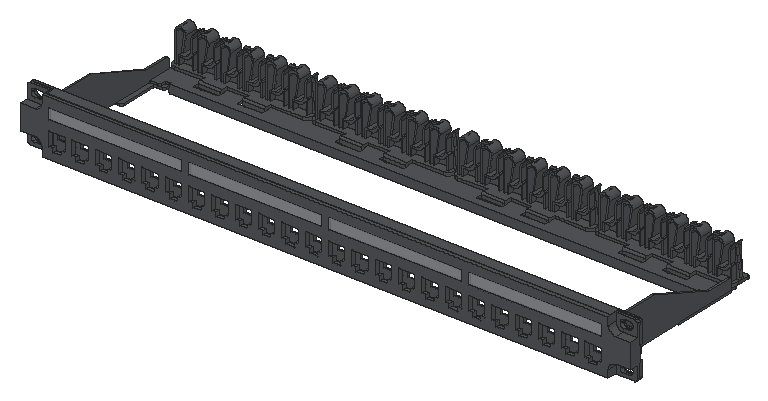
Revit family "Panneau de brassage", category Equipement spécialisé, Revit 2020 (continued)
Forms (mm)
  Extrusion 141, solid, material "IDS_NOIR" <- "Couleur"
    sketch origin (154.436, 226.765, 1200) x (-1, 0, 0) y (0, 0, 1)
      loop
        line (-27.764, -1188.4) -> (-17.964, -1188.4) -> (-17.964, -1182.6) -> (-21.764, -1182.6)
        arc (-21.764, -1182.6) -> (-24.979, -1181.666) -> (-27.193, -1179.156) r 6
        arc (-27.193, -1179.156) -> (-27.53, -1178.991) -> (-27.764, -1179.283) r 0.3
        line (-27.764, -1179.283) -> (-27.764, -1188.4)
      loop
        line (-16.764, -1182.4) -> (-16.764, -1188.4) -> (-15.004, -1188.4) -> (-15.004, -1182.4) -> (-16.764, -1182.4)
    from 1 to -1
  Extrusion 142, solid, material "IDS_NOIR" <- "Couleur"
    sketch origin (172.436, 226.765, 1200) x (-1, 0, 0) y (0, 0, 1)
      loop
        line (-28.964, -1163.4) -> (-28.964, -1173.921)
        arc (-28.964, -1173.921) -> (-29.228, -1174.219) -> (-29.555, -1173.994) r 0.3
        line (-29.555, -1173.994) -> (-31.804, -1165.028) -> (-31.804, -1188.4) -> (-28.964, -1188.4) -> (-28.964, -1178.068)
        arc (-28.964, -1178.068) -> (-28.87, -1177.644) -> (-28.605, -1177.3) r 1
        line (-28.605, -1177.3) -> (-27.764, -1176.6) -> (-27.764, -1166.45) -> (-28.964, -1163.4)
      loop
        line (-27.764, -1188.4) -> (-17.964, -1188.4) -> (-17.964, -1182.6) -> (-21.764, -1182.6)
        arc (-21.764, -1182.6) -> (-24.979, -1181.666) -> (-27.193, -1179.156) r 6
        arc (-27.193, -1179.156) -> (-27.53, -1178.991) -> (-27.764, -1179.283) r 0.3
        line (-27.764, -1179.283) -> (-27.764, -1188.4)
      loop
        line (-16.764, -1182.4) -> (-16.764, -1188.4) -> (-15.004, -1188.4) -> (-15.004, -1182.4) -> (-16.764, -1182.4)
    from 1 to -1
  Extrusion 143, solid, material "IDS_NOIR" <- "Couleur"
    sketch origin (190.436, 226.765, 1200) x (-1, 0, 0) y (0, 0, 1)
      loop
        line (-32.464, -1188.4) -> (-28.964, -1188.4) -> (-28.964, -1178.068)
        arc (-28.964, -1178.068) -> (-28.87, -1177.644) -> (-28.605, -1177.3) r 1
        line (-28.605, -1177.3) -> (-27.764, -1176.6) -> (-27.764, -1166.45) -> (-28.819, -1163.769) -> (-32.464, -1188.4)
      loop
        line (-27.764, -1188.4) -> (-17.964, -1188.4) -> (-17.964, -1182.6) -> (-21.764, -1182.6)
        arc (-21.764, -1182.6) -> (-24.979, -1181.666) -> (-27.193, -1179.156) r 6
        arc (-27.193, -1179.156) -> (-27.53, -1178.991) -> (-27.764, -1179.283) r 0.3
        line (-27.764, -1179.283) -> (-27.764, -1188.4)
      loop
        line (-16.764, -1182.4) -> (-16.764, -1188.4) -> (-15.004, -1188.4) -> (-15.004, -1182.4) -> (-16.764, -1182.4)
    from 1 to -1
  Extrusion 144, solid, material "IDS_NOIR" <- "Couleur"
    sketch origin (100.436, 226.765, 1200) x (-1, 0, 0) y (0, 0, 1)
      loop
        arc (-36.054, -1161.15) -> (-33.708, -1161.856) -> (-32.142, -1163.74) r 4.25
        arc (-32.142, -1163.74) -> (-32.055, -1162.798) -> (-31.221, -1162.35) r 1
        line (-31.221, -1162.35) -> (-28.964, -1162.35) -> (-28.964, -1161.15) -> (-36.054, -1161.15)
    from -1 to 1
  Extrusion 145, solid, material "IDS_NOIR" <- "Couleur"
    sketch origin (118.436, 226.765, 1200) x (-1, 0, 0) y (0, 0, 1)
      loop
        arc (-36.054, -1161.15) -> (-33.708, -1161.856) -> (-32.142, -1163.74) r 4.25
        arc (-32.142, -1163.74) -> (-32.055, -1162.798) -> (-31.221, -1162.35) r 1
        line (-31.221, -1162.35) -> (-28.964, -1162.35) -> (-28.964, -1161.15) -> (-36.054, -1161.15)
    from -1 to 1
  Extrusion 146, solid, material "IDS_NOIR" <- "Couleur"
    sketch origin (136.436, 226.765, 1200) x (-1, 0, 0) y (0, 0, 1)
      loop
        arc (-36.054, -1161.15) -> (-33.708, -1161.856) -> (-32.142, -1163.74) r 4.25
        arc (-32.142, -1163.74) -> (-32.055, -1162.798) -> (-31.221, -1162.35) r 1
        line (-31.221, -1162.35) -> (-28.964, -1162.35) -> (-28.964, -1161.15) -> (-36.054, -1161.15)
    from -1 to 1
  Extrusion 147, solid, material "IDS_NOIR" <- "Couleur"
    sketch origin (154.436, 226.765, 1200) x (-1, 0, 0) y (0, 0, 1)
      loop
        arc (-36.054, -1161.15) -> (-33.708, -1161.856) -> (-32.142, -1163.74) r 4.25
        arc (-32.142, -1163.74) -> (-32.055, -1162.798) -> (-31.221, -1162.35) r 1
        line (-31.221, -1162.35) -> (-28.964, -1162.35) -> (-28.964, -1161.15) -> (-36.054, -1161.15)
    from -1 to 1
  Extrusion 148, solid, material "IDS_NOIR" <- "Couleur"
    sketch origin (172.436, 226.765, 1200) x (-1, 0, 0) y (0, 0, 1)
      loop
        arc (-36.054, -1161.15) -> (-33.708, -1161.856) -> (-32.142, -1163.74) r 4.25
        arc (-32.142, -1163.74) -> (-32.055, -1162.798) -> (-31.221, -1162.35) r 1
        line (-31.221, -1162.35) -> (-28.964, -1162.35) -> (-28.964, -1161.15) -> (-36.054, -1161.15)
    from -1 to 1
  Extrusion 149, solid, material "IDS_NOIR" <- "Couleur"
    sketch origin (335.6, 127.2, 9.6) x (1, 0, 0) y (0, 1, 0)
      loop
        line (5.4, 91.1) -> (106.4, 91.1)
        arc (106.4, 91.1) -> (109.936, 92.564) -> (111.4, 96.1) r 5
        line (111.4, 96.1) -> (111.4, 105.6)
        arc (111.4, 105.6) -> (110.814, 107.014) -> (109.4, 107.6) r 2
        line (109.4, 107.6) -> (2.4, 107.6)
        arc (2.4, 107.6) -> (0.986, 107.014) -> (0.4, 105.6) r 2
        line (0.4, 105.6) -> (0.4, 96.1)
        arc (0.4, 96.1) -> (1.864, 92.564) -> (5.4, 91.1) r 5
    from 0 to 2
  Extrusion 150, solid, material "IDS_NOIR" <- "Couleur"
    sketch origin (364.5, 239.845, 1200) x (0, 1, 0) y (0, 0, 1)
      loop
        line (-21.545, -1190.4) -> (-21.545, -1188.4) -> (-26.045, -1188.4)
        arc (-26.045, -1188.4) -> (-27.106, -1188.839) -> (-27.545, -1189.9) r 1.5
        line (-27.545, -1189.9) -> (-27.545, -1192.9)
        arc (-27.545, -1192.9) -> (-27.106, -1193.961) -> (-26.045, -1194.4) r 1.5
        line (-26.045, -1194.4) -> (-23.545, -1194.4) -> (-23.545, -1192.4) -> (-25.545, -1192.4) -> (-25.545, -1190.4) -> (-21.545, -1190.4)
    from 0 to 18
  Extrusion 151, solid, material "IDS_NOIR" <- "Couleur"
    sketch origin (417.3, 239.845, 1200) x (0, 1, 0) y (0, 0, -1)
      loop
        line (-21.545, 1190.4) -> (-25.545, 1190.4) -> (-25.545, 1192.4) -> (-23.545, 1192.4) -> (-23.545, 1194.4) -> (-26.045, 1194.4)
        arc (-26.045, 1194.4) -> (-27.106, 1193.961) -> (-27.545, 1192.9) r 1.5
        line (-27.545, 1192.9) -> (-27.545, 1189.9)
        arc (-27.545, 1189.9) -> (-27.106, 1188.839) -> (-26.045, 1188.4) r 1.5
        line (-26.045, 1188.4) -> (-21.545, 1188.4) -> (-21.545, 1190.4)
    from 0 to 18
  Extrusion 152, solid, material "IDS_NOIR" <- "Couleur"
    sketch origin (341, 247.204, 1200) x (0, 1, 0) y (0, 0, 1)
      loop
        line (-12.404, -1190.401) -> (-13.654, -1190.401) -> (-13.654, -1195.9) -> (-12.404, -1195.9) -> (-12.404, -1190.401)
    from 0 to 22
  Extrusion 153, solid
    sketch origin (343.5, 236.327, 1200) x (0, 1, 0) y (0, 0, 1)
      loop
        line (-4.027, -1192.4) -> (-4.027, -1195.9) -> (-2.777, -1195.9) -> (-2.777, -1192.4) -> (-4.027, -1192.4)
    from 0 to 4
  Extrusion 154, void
    sketch origin (341, 247.204, 1200) x (0, -1, 0) y (0, 0, 1)
      loop
        line (12.904, -1195.9) -> (14.904, -1195.9) -> (14.904, -1193.4) -> (12.904, -1195.9)
    from 0 to -22
  Extrusion 155, solid, material "IDS_NOIR" <- "Couleur"
    sketch origin (440.8, 247.204, 1200) x (0, 1, 0) y (0, 0, -1)
      loop
        line (-12.404, 1190.401) -> (-12.404, 1195.9) -> (-13.654, 1195.9) -> (-13.654, 1190.401) -> (-12.404, 1190.401)
    from 0 to 22
  Extrusion 156, solid
    sketch origin (438.3, 236.327, 1200) x (0, 1, 0) y (0, 0, -1)
      loop
        line (-4.027, 1192.4) -> (-2.777, 1192.4) -> (-2.777, 1195.9) -> (-4.027, 1195.9) -> (-4.027, 1192.4)
    from 0 to 4
  Extrusion 157, void
    sketch origin (440.8, 247.204, 1200) x (0, -1, 0) y (0, 0, -1)
      loop
        line (12.904, 1195.9) -> (14.904, 1193.4) -> (14.904, 1195.9) -> (12.904, 1195.9)
    from 0 to -22
  Extrusion 158, solid, material "IDS_NOIR" <- "Couleur"
    sketch origin (307.6, 231.765, 1200) x (-1, 0, 0) y (0, 0, 1)
      loop
        line (-30.74, -1188.4) -> (-30.74, -1165.4)
        arc (-30.74, -1165.4) -> (-35.283, -1161.16) -> (-39.2, -1165.985) r 4.25
        line (-39.2, -1165.985) -> (-37.4, -1178.928) -> (-36.211, -1178.763) -> (-38.011, -1165.82)
        arc (-38.011, -1165.82) -> (-35.201, -1162.357) -> (-31.94, -1165.4) r 3.05
        line (-31.94, -1165.4) -> (-31.94, -1188.4) -> (-30.74, -1188.4)
      loop
        line (-44.7, -1176.6) -> (-45.54, -1177.3)
        arc (-45.54, -1177.3) -> (-45.806, -1177.644) -> (-45.9, -1178.068) r 1
        line (-45.9, -1178.068) -> (-45.9, -1188.4) -> (-44.7, -1188.4) -> (-44.7, -1179.283)
        arc (-44.7, -1179.283) -> (-44.465, -1178.991) -> (-44.129, -1179.156) r 0.3
        arc (-44.129, -1179.156) -> (-41.915, -1181.666) -> (-38.7, -1182.6) r 6
        line (-38.7, -1182.6) -> (-34.9, -1182.6) -> (-34.9, -1188.4) -> (-33.7, -1188.4) -> (-33.7, -1182.4)
        arc (-33.7, -1182.4) -> (-33.993, -1181.693) -> (-34.7, -1181.4) r 1
        line (-34.7, -1181.4) -> (-37.5, -1181.4)
        arc (-37.5, -1181.4) -> (-41.743, -1179.643) -> (-43.5, -1175.4) r 6
        line (-43.5, -1175.4) -> (-43.5, -1166.45) -> (-44.7, -1163.4) -> (-45.9, -1163.4) -> (-44.7, -1166.45) -> (-44.7, -1176.6)
    from 0 to -10
  Extrusion 159, solid, material "IDS_NOIR" <- "Couleur"
    sketch origin (325.6, 231.765, 1200) x (-1, 0, 0) y (0, 0, 1)
      loop
        line (-30.74, -1188.4) -> (-30.74, -1165.4)
        arc (-30.74, -1165.4) -> (-35.283, -1161.16) -> (-39.2, -1165.985) r 4.25
        line (-39.2, -1165.985) -> (-37.4, -1178.928) -> (-36.211, -1178.763) -> (-38.011, -1165.82)
        arc (-38.011, -1165.82) -> (-35.201, -1162.357) -> (-31.94, -1165.4) r 3.05
        line (-31.94, -1165.4) -> (-31.94, -1188.4) -> (-30.74, -1188.4)
      loop
        line (-44.7, -1176.6) -> (-45.54, -1177.3)
        arc (-45.54, -1177.3) -> (-45.806, -1177.644) -> (-45.9, -1178.068) r 1
        line (-45.9, -1178.068) -> (-45.9, -1188.4) -> (-44.7, -1188.4) -> (-44.7, -1179.283)
        arc (-44.7, -1179.283) -> (-44.465, -1178.991) -> (-44.129, -1179.156) r 0.3
        arc (-44.129, -1179.156) -> (-41.915, -1181.666) -> (-38.7, -1182.6) r 6
        line (-38.7, -1182.6) -> (-34.9, -1182.6) -> (-34.9, -1188.4) -> (-33.7, -1188.4) -> (-33.7, -1182.4)
        arc (-33.7, -1182.4) -> (-33.993, -1181.693) -> (-34.7, -1181.4) r 1
        line (-34.7, -1181.4) -> (-37.5, -1181.4)
        arc (-37.5, -1181.4) -> (-41.743, -1179.643) -> (-43.5, -1175.4) r 6
        line (-43.5, -1175.4) -> (-43.5, -1166.45) -> (-44.7, -1163.4) -> (-45.9, -1163.4) -> (-44.7, -1166.45) -> (-44.7, -1176.6)
    from 0 to -10
  Extrusion 160, solid, material "IDS_NOIR" <- "Couleur"
    sketch origin (343.6, 231.765, 1200) x (-1, 0, 0) y (0, 0, 1)
      loop
        line (-30.74, -1188.4) -> (-30.74, -1165.4)
        arc (-30.74, -1165.4) -> (-35.283, -1161.16) -> (-39.2, -1165.985) r 4.25
        line (-39.2, -1165.985) -> (-37.4, -1178.928) -> (-36.211, -1178.763) -> (-38.011, -1165.82)
        arc (-38.011, -1165.82) -> (-35.201, -1162.357) -> (-31.94, -1165.4) r 3.05
        line (-31.94, -1165.4) -> (-31.94, -1188.4) -> (-30.74, -1188.4)
      loop
        line (-44.7, -1176.6) -> (-45.54, -1177.3)
        arc (-45.54, -1177.3) -> (-45.806, -1177.644) -> (-45.9, -1178.068) r 1
        line (-45.9, -1178.068) -> (-45.9, -1188.4) -> (-44.7, -1188.4) -> (-44.7, -1179.283)
        arc (-44.7, -1179.283) -> (-44.465, -1178.991) -> (-44.129, -1179.156) r 0.3
        arc (-44.129, -1179.156) -> (-41.915, -1181.666) -> (-38.7, -1182.6) r 6
        line (-38.7, -1182.6) -> (-34.9, -1182.6) -> (-34.9, -1188.4) -> (-33.7, -1188.4) -> (-33.7, -1182.4)
        arc (-33.7, -1182.4) -> (-33.993, -1181.693) -> (-34.7, -1181.4) r 1
        line (-34.7, -1181.4) -> (-37.5, -1181.4)
        arc (-37.5, -1181.4) -> (-41.743, -1179.643) -> (-43.5, -1175.4) r 6
        line (-43.5, -1175.4) -> (-43.5, -1166.45) -> (-44.7, -1163.4) -> (-45.9, -1163.4) -> (-44.7, -1166.45) -> (-44.7, -1176.6)
    from 0 to -10
  Extrusion 161, solid, material "IDS_NOIR" <- "Couleur"
    sketch origin (361.6, 231.765, 1200) x (-1, 0, 0) y (0, 0, 1)
      loop
        line (-30.74, -1188.4) -> (-30.74, -1165.4)
        arc (-30.74, -1165.4) -> (-35.283, -1161.16) -> (-39.2, -1165.985) r 4.25
        line (-39.2, -1165.985) -> (-37.4, -1178.928) -> (-36.211, -1178.763) -> (-38.011, -1165.82)
        arc (-38.011, -1165.82) -> (-35.201, -1162.357) -> (-31.94, -1165.4) r 3.05
        line (-31.94, -1165.4) -> (-31.94, -1188.4) -> (-30.74, -1188.4)
      loop
        line (-44.7, -1176.6) -> (-45.54, -1177.3)
        arc (-45.54, -1177.3) -> (-45.806, -1177.644) -> (-45.9, -1178.068) r 1
        line (-45.9, -1178.068) -> (-45.9, -1188.4) -> (-44.7, -1188.4) -> (-44.7, -1179.283)
        arc (-44.7, -1179.283) -> (-44.465, -1178.991) -> (-44.129, -1179.156) r 0.3
        arc (-44.129, -1179.156) -> (-41.915, -1181.666) -> (-38.7, -1182.6) r 6
        line (-38.7, -1182.6) -> (-34.9, -1182.6) -> (-34.9, -1188.4) -> (-33.7, -1188.4) -> (-33.7, -1182.4)
        arc (-33.7, -1182.4) -> (-33.993, -1181.693) -> (-34.7, -1181.4) r 1
        line (-34.7, -1181.4) -> (-37.5, -1181.4)
        arc (-37.5, -1181.4) -> (-41.743, -1179.643) -> (-43.5, -1175.4) r 6
        line (-43.5, -1175.4) -> (-43.5, -1166.45) -> (-44.7, -1163.4) -> (-45.9, -1163.4) -> (-44.7, -1166.45) -> (-44.7, -1176.6)
    from 0 to -10
  Extrusion 162, solid, material "IDS_NOIR" <- "Couleur"
    sketch origin (379.6, 231.765, 1200) x (-1, 0, 0) y (0, 0, 1)
      loop
        line (-30.74, -1188.4) -> (-30.74, -1165.4)
        arc (-30.74, -1165.4) -> (-35.283, -1161.16) -> (-39.2, -1165.985) r 4.25
        line (-39.2, -1165.985) -> (-37.4, -1178.928) -> (-36.211, -1178.763) -> (-38.011, -1165.82)
        arc (-38.011, -1165.82) -> (-35.201, -1162.357) -> (-31.94, -1165.4) r 3.05
        line (-31.94, -1165.4) -> (-31.94, -1188.4) -> (-30.74, -1188.4)
      loop
        line (-44.7, -1176.6) -> (-45.54, -1177.3)
        arc (-45.54, -1177.3) -> (-45.806, -1177.644) -> (-45.9, -1178.068) r 1
        line (-45.9, -1178.068) -> (-45.9, -1188.4) -> (-44.7, -1188.4) -> (-44.7, -1179.283)
        arc (-44.7, -1179.283) -> (-44.465, -1178.991) -> (-44.129, -1179.156) r 0.3
        arc (-44.129, -1179.156) -> (-41.915, -1181.666) -> (-38.7, -1182.6) r 6
        line (-38.7, -1182.6) -> (-34.9, -1182.6) -> (-34.9, -1188.4) -> (-33.7, -1188.4) -> (-33.7, -1182.4)
        arc (-33.7, -1182.4) -> (-33.993, -1181.693) -> (-34.7, -1181.4) r 1
        line (-34.7, -1181.4) -> (-37.5, -1181.4)
        arc (-37.5, -1181.4) -> (-41.743, -1179.643) -> (-43.5, -1175.4) r 6
        line (-43.5, -1175.4) -> (-43.5, -1166.45) -> (-44.7, -1163.4) -> (-45.9, -1163.4) -> (-44.7, -1166.45) -> (-44.7, -1176.6)
    from 0 to -10
  Extrusion 163, solid, material "IDS_NOIR" <- "Couleur"
    sketch origin (397.6, 231.765, 1200) x (-1, 0, 0) y (0, 0, 1)
      loop
        line (-30.74, -1188.4) -> (-30.74, -1165.4)
        arc (-30.74, -1165.4) -> (-35.283, -1161.16) -> (-39.2, -1165.985) r 4.25
        line (-39.2, -1165.985) -> (-37.4, -1178.928) -> (-36.211, -1178.763) -> (-38.011, -1165.82)
        arc (-38.011, -1165.82) -> (-35.201, -1162.357) -> (-31.94, -1165.4) r 3.05
        line (-31.94, -1165.4) -> (-31.94, -1188.4) -> (-30.74, -1188.4)
      loop
        line (-44.7, -1176.6) -> (-45.54, -1177.3)
        arc (-45.54, -1177.3) -> (-45.806, -1177.644) -> (-45.9, -1178.068) r 1
        line (-45.9, -1178.068) -> (-45.9, -1188.4) -> (-44.7, -1188.4) -> (-44.7, -1179.283)
        arc (-44.7, -1179.283) -> (-44.465, -1178.991) -> (-44.129, -1179.156) r 0.3
        arc (-44.129, -1179.156) -> (-41.915, -1181.666) -> (-38.7, -1182.6) r 6
        line (-38.7, -1182.6) -> (-34.9, -1182.6) -> (-34.9, -1188.4) -> (-33.7, -1188.4) -> (-33.7, -1182.4)
        arc (-33.7, -1182.4) -> (-33.993, -1181.693) -> (-34.7, -1181.4) r 1
        line (-34.7, -1181.4) -> (-37.5, -1181.4)
        arc (-37.5, -1181.4) -> (-41.743, -1179.643) -> (-43.5, -1175.4) r 6
        line (-43.5, -1175.4) -> (-43.5, -1166.45) -> (-44.7, -1163.4) -> (-45.9, -1163.4) -> (-44.7, -1166.45) -> (-44.7, -1176.6)
    from 0 to -10
  Extrusion 164, solid, material "IDS_NOIR" <- "Couleur"
    sketch origin (324.536, 226.765, 1200) x (-1, 0, 0) y (0, 0, 1)
      loop
        line (-28.964, -1163.4) -> (-28.964, -1173.921)
        arc (-28.964, -1173.921) -> (-29.228, -1174.219) -> (-29.555, -1173.994) r 0.3
        line (-29.555, -1173.994) -> (-31.804, -1165.028) -> (-31.804, -1188.4) -> (-28.964, -1188.4) -> (-28.964, -1178.068)
        arc (-28.964, -1178.068) -> (-28.87, -1177.644) -> (-28.605, -1177.3) r 1
        line (-28.605, -1177.3) -> (-27.764, -1176.6) -> (-27.764, -1166.45) -> (-28.964, -1163.4)
      loop
        line (-27.764, -1188.4) -> (-17.964, -1188.4) -> (-17.964, -1182.6) -> (-21.764, -1182.6)
        arc (-21.764, -1182.6) -> (-24.979, -1181.666) -> (-27.193, -1179.156) r 6
        arc (-27.193, -1179.156) -> (-27.53, -1178.991) -> (-27.764, -1179.283) r 0.3
        line (-27.764, -1179.283) -> (-27.764, -1188.4)
      loop
        line (-16.764, -1182.4) -> (-16.764, -1188.4) -> (-15.004, -1188.4) -> (-15.004, -1182.4) -> (-16.764, -1182.4)
      loop
        line (-13.804, -1188.4) -> (-11.464, -1188.4) -> (-13.804, -1165.4) -> (-13.804, -1188.4)
    from 1 to -1
  Extrusion 165, solid, material "IDS_NOIR" <- "Couleur"
    sketch origin (342.536, 226.765, 1200) x (-1, 0, 0) y (0, 0, 1)
      loop
        line (-28.964, -1163.4) -> (-28.964, -1173.921)
        arc (-28.964, -1173.921) -> (-29.228, -1174.219) -> (-29.555, -1173.994) r 0.3
        line (-29.555, -1173.994) -> (-31.804, -1165.028) -> (-31.804, -1188.4) -> (-28.964, -1188.4) -> (-28.964, -1178.068)
        arc (-28.964, -1178.068) -> (-28.87, -1177.644) -> (-28.605, -1177.3) r 1
        line (-28.605, -1177.3) -> (-27.764, -1176.6) -> (-27.764, -1166.45) -> (-28.964, -1163.4)
      loop
        line (-27.764, -1188.4) -> (-17.964, -1188.4) -> (-17.964, -1182.6) -> (-21.764, -1182.6)
        arc (-21.764, -1182.6) -> (-24.979, -1181.666) -> (-27.193, -1179.156) r 6
        arc (-27.193, -1179.156) -> (-27.53, -1178.991) -> (-27.764, -1179.283) r 0.3
        line (-27.764, -1179.283) -> (-27.764, -1188.4)
      loop
        line (-16.764, -1182.4) -> (-16.764, -1188.4) -> (-15.229, -1188.4) -> (-15.229, -1182.4) -> (-16.764, -1182.4)
    from 1 to -1
  Extrusion 166, solid, material "IDS_NOIR" <- "Couleur"
    sketch origin (360.536, 226.765, 1200) x (-1, 0, 0) y (0, 0, 1)
      loop
        line (-28.964, -1163.4) -> (-28.964, -1173.921)
        arc (-28.964, -1173.921) -> (-29.228, -1174.219) -> (-29.555, -1173.994) r 0.3
        line (-29.555, -1173.994) -> (-31.804, -1165.028) -> (-31.804, -1188.4) -> (-28.964, -1188.4) -> (-28.964, -1178.068)
        arc (-28.964, -1178.068) -> (-28.87, -1177.644) -> (-28.605, -1177.3) r 1
        line (-28.605, -1177.3) -> (-27.764, -1176.6) -> (-27.764, -1166.45) -> (-28.964, -1163.4)
      loop
        line (-27.764, -1188.4) -> (-17.964, -1188.4) -> (-17.964, -1182.6) -> (-21.764, -1182.6)
        arc (-21.764, -1182.6) -> (-24.979, -1181.666) -> (-27.193, -1179.156) r 6
        arc (-27.193, -1179.156) -> (-27.53, -1178.991) -> (-27.764, -1179.283) r 0.3
        line (-27.764, -1179.283) -> (-27.764, -1188.4)
      loop
        line (-16.764, -1182.4) -> (-16.764, -1188.4) -> (-15.004, -1188.4) -> (-15.004, -1182.4) -> (-16.764, -1182.4)
    from 1 to -1
  Extrusion 167, solid, material "IDS_NOIR" <- "Couleur"
    sketch origin (378.536, 226.765, 1200) x (-1, 0, 0) y (0, 0, 1)
      loop
        line (-28.964, -1163.4) -> (-28.964, -1173.921)
        arc (-28.964, -1173.921) -> (-29.228, -1174.219) -> (-29.555, -1173.994) r 0.3
        line (-29.555, -1173.994) -> (-31.804, -1165.028) -> (-31.804, -1188.4) -> (-28.964, -1188.4) -> (-28.964, -1178.068)
        arc (-28.964, -1178.068) -> (-28.87, -1177.644) -> (-28.605, -1177.3) r 1
        line (-28.605, -1177.3) -> (-27.764, -1176.6) -> (-27.764, -1166.45) -> (-28.964, -1163.4)
      loop
        line (-27.764, -1188.4) -> (-17.964, -1188.4) -> (-17.964, -1182.6) -> (-21.764, -1182.6)
        arc (-21.764, -1182.6) -> (-24.979, -1181.666) -> (-27.193, -1179.156) r 6
        arc (-27.193, -1179.156) -> (-27.53, -1178.991) -> (-27.764, -1179.283) r 0.3
        line (-27.764, -1179.283) -> (-27.764, -1188.4)
      loop
        line (-16.764, -1182.4) -> (-16.764, -1188.4) -> (-15.004, -1188.4) -> (-15.004, -1182.4) -> (-16.764, -1182.4)
    from 1 to -1
  Extrusion 168, solid, material "IDS_NOIR" <- "Couleur"
    sketch origin (396.536, 226.765, 1200) x (-1, 0, 0) y (0, 0, 1)
      loop
        line (-28.964, -1163.4) -> (-28.964, -1173.921)
        arc (-28.964, -1173.921) -> (-29.228, -1174.219) -> (-29.555, -1173.994) r 0.3
        line (-29.555, -1173.994) -> (-31.804, -1165.028) -> (-31.804, -1188.4) -> (-28.964, -1188.4) -> (-28.964, -1178.068)
        arc (-28.964, -1178.068) -> (-28.87, -1177.644) -> (-28.605, -1177.3) r 1
        line (-28.605, -1177.3) -> (-27.764, -1176.6) -> (-27.764, -1166.45) -> (-28.964, -1163.4)
      loop
        line (-27.764, -1188.4) -> (-17.964, -1188.4) -> (-17.964, -1182.6) -> (-21.764, -1182.6)
        arc (-21.764, -1182.6) -> (-24.979, -1181.666) -> (-27.193, -1179.156) r 6
        arc (-27.193, -1179.156) -> (-27.53, -1178.991) -> (-27.764, -1179.283) r 0.3
        line (-27.764, -1179.283) -> (-27.764, -1188.4)
      loop
        line (-16.764, -1182.4) -> (-16.764, -1188.4) -> (-15.004, -1188.4) -> (-15.004, -1182.4) -> (-16.764, -1182.4)
    from 1 to -1
  Extrusion 169, solid, material "IDS_NOIR" <- "Couleur"
    sketch origin (414.536, 226.765, 1200) x (-1, 0, 0) y (0, 0, 1)
      loop
        line (-32.464, -1188.4) -> (-28.964, -1188.4) -> (-28.964, -1178.068)
        arc (-28.964, -1178.068) -> (-28.87, -1177.644) -> (-28.605, -1177.3) r 1
        line (-28.605, -1177.3) -> (-27.764, -1176.6) -> (-27.764, -1166.45) -> (-28.819, -1163.769) -> (-32.464, -1188.4)
      loop
        line (-27.764, -1188.4) -> (-17.964, -1188.4) -> (-17.964, -1182.6) -> (-21.764, -1182.6)
        arc (-21.764, -1182.6) -> (-24.979, -1181.666) -> (-27.193, -1179.156) r 6
        arc (-27.193, -1179.156) -> (-27.53, -1178.991) -> (-27.764, -1179.283) r 0.3
        line (-27.764, -1179.283) -> (-27.764, -1188.4)
      loop
        line (-16.764, -1182.4) -> (-16.764, -1188.4) -> (-15.004, -1188.4) -> (-15.004, -1182.4) -> (-16.764, -1182.4)
    from 1 to -1
  Extrusion 170, solid, material "IDS_NOIR" <- "Couleur"
    sketch origin (324.536, 226.765, 1200) x (-1, 0, 0) y (0, 0, 1)
      loop
        arc (-36.054, -1161.15) -> (-33.708, -1161.856) -> (-32.142, -1163.74) r 4.25
        arc (-32.142, -1163.74) -> (-32.055, -1162.798) -> (-31.221, -1162.35) r 1
        line (-31.221, -1162.35) -> (-28.964, -1162.35) -> (-28.964, -1161.15) -> (-36.054, -1161.15)
    from -1 to 1
  Extrusion 171, solid, material "IDS_NOIR" <- "Couleur"
    sketch origin (342.536, 226.765, 1200) x (-1, 0, 0) y (0, 0, 1)
      loop
        arc (-36.054, -1161.15) -> (-33.708, -1161.856) -> (-32.142, -1163.74) r 4.25
        arc (-32.142, -1163.74) -> (-32.055, -1162.798) -> (-31.221, -1162.35) r 1
        line (-31.221, -1162.35) -> (-28.964, -1162.35) -> (-28.964, -1161.15) -> (-36.054, -1161.15)
    from -1 to 1
  Extrusion 172, solid, material "IDS_NOIR" <- "Couleur"
    sketch origin (360.536, 226.765, 1200) x (-1, 0, 0) y (0, 0, 1)
      loop
        arc (-36.054, -1161.15) -> (-33.708, -1161.856) -> (-32.142, -1163.74) r 4.25
        arc (-32.142, -1163.74) -> (-32.055, -1162.798) -> (-31.221, -1162.35) r 1
        line (-31.221, -1162.35) -> (-28.964, -1162.35) -> (-28.964, -1161.15) -> (-36.054, -1161.15)
    from -1 to 1
  Extrusion 173, solid, material "IDS_NOIR" <- "Couleur"
    sketch origin (378.536, 226.765, 1200) x (-1, 0, 0) y (0, 0, 1)
      loop
        arc (-36.054, -1161.15) -> (-33.708, -1161.856) -> (-32.142, -1163.74) r 4.25
        arc (-32.142, -1163.74) -> (-32.055, -1162.798) -> (-31.221, -1162.35) r 1
        line (-31.221, -1162.35) -> (-28.964, -1162.35) -> (-28.964, -1161.15) -> (-36.054, -1161.15)
    from -1 to 1
  Extrusion 174, solid, material "IDS_NOIR" <- "Couleur"
    sketch origin (396.536, 226.765, 1200) x (-1, 0, 0) y (0, 0, 1)
      loop
        arc (-36.054, -1161.15) -> (-33.708, -1161.856) -> (-32.142, -1163.74) r 4.25
        arc (-32.142, -1163.74) -> (-32.055, -1162.798) -> (-31.221, -1162.35) r 1
        line (-31.221, -1162.35) -> (-28.964, -1162.35) -> (-28.964, -1161.15) -> (-36.054, -1161.15)
    from -1 to 1
  Extrusion 175, solid, material "IDS_NOIR" <- "Couleur"
    sketch origin (224.1, 127.2, 9.6) x (1, 0, 0) y (0, 1, 0)
      loop
        line (5.4, 91.1) -> (106.4, 91.1)
        arc (106.4, 91.1) -> (109.936, 92.564) -> (111.4, 96.1) r 5
        line (111.4, 96.1) -> (111.4, 105.6)
        arc (111.4, 105.6) -> (110.814, 107.014) -> (109.4, 107.6) r 2
        line (109.4, 107.6) -> (2.4, 107.6)
        arc (2.4, 107.6) -> (0.986, 107.014) -> (0.4, 105.6) r 2
        line (0.4, 105.6) -> (0.4, 96.1)
        arc (0.4, 96.1) -> (1.864, 92.564) -> (5.4, 91.1) r 5
    from 0 to 2
  Extrusion 176, solid, material "IDS_NOIR" <- "Couleur"
    sketch origin (253, 239.845, 1200) x (0, 1, 0) y (0, 0, 1)
      loop
        line (-21.545, -1190.4) -> (-21.545, -1188.4) -> (-26.045, -1188.4)
        arc (-26.045, -1188.4) -> (-27.106, -1188.839) -> (-27.545, -1189.9) r 1.5
        line (-27.545, -1189.9) -> (-27.545, -1192.9)
        arc (-27.545, -1192.9) -> (-27.106, -1193.961) -> (-26.045, -1194.4) r 1.5
        line (-26.045, -1194.4) -> (-23.545, -1194.4) -> (-23.545, -1192.4) -> (-25.545, -1192.4) -> (-25.545, -1190.4) -> (-21.545, -1190.4)
    from 0 to 18
  Extrusion 177, solid, material "IDS_NOIR" <- "Couleur"
    sketch origin (305.8, 239.845, 1200) x (0, 1, 0) y (0, 0, -1)
      loop
        line (-21.545, 1190.4) -> (-25.545, 1190.4) -> (-25.545, 1192.4) -> (-23.545, 1192.4) -> (-23.545, 1194.4) -> (-26.045, 1194.4)
        arc (-26.045, 1194.4) -> (-27.106, 1193.961) -> (-27.545, 1192.9) r 1.5
        line (-27.545, 1192.9) -> (-27.545, 1189.9)
        arc (-27.545, 1189.9) -> (-27.106, 1188.839) -> (-26.045, 1188.4) r 1.5
        line (-26.045, 1188.4) -> (-21.545, 1188.4) -> (-21.545, 1190.4)
    from 0 to 18
  Extrusion 178, solid, material "IDS_NOIR" <- "Couleur"
    sketch origin (229.5, 247.204, 1200) x (0, 1, 0) y (0, 0, 1)
      loop
        line (-12.404, -1190.401) -> (-13.654, -1190.401) -> (-13.654, -1195.9) -> (-12.404, -1195.9) -> (-12.404, -1190.401)
    from 0 to 22
  Extrusion 179, solid
    sketch origin (232, 236.327, 1200) x (0, 1, 0) y (0, 0, 1)
      loop
        line (-4.027, -1192.4) -> (-4.027, -1195.9) -> (-2.777, -1195.9) -> (-2.777, -1192.4) -> (-4.027, -1192.4)
    from 0 to 4
  Extrusion 180, void
    sketch origin (229.5, 247.204, 1200) x (0, -1, 0) y (0, 0, 1)
      loop
        line (12.904, -1195.9) -> (14.904, -1195.9) -> (14.904, -1193.4) -> (12.904, -1195.9)
    from 0 to -22
  Extrusion 181, solid, material "IDS_NOIR" <- "Couleur"
    sketch origin (329.3, 247.204, 1200) x (0, 1, 0) y (0, 0, -1)
      loop
        line (-12.404, 1190.401) -> (-12.404, 1195.9) -> (-13.654, 1195.9) -> (-13.654, 1190.401) -> (-12.404, 1190.401)
    from 0 to 22
  Extrusion 182, solid
    sketch origin (326.8, 236.327, 1200) x (0, 1, 0) y (0, 0, -1)
      loop
        line (-4.027, 1192.4) -> (-2.777, 1192.4) -> (-2.777, 1195.9) -> (-4.027, 1195.9) -> (-4.027, 1192.4)
    from 0 to 4
  Extrusion 183, void
    sketch origin (329.3, 247.204, 1200) x (0, -1, 0) y (0, 0, -1)
      loop
        line (12.904, 1195.9) -> (14.904, 1193.4) -> (14.904, 1195.9) -> (12.904, 1195.9)
    from 0 to -22
  Extrusion 184, solid, material "IDS_NOIR" <- "Couleur"
    sketch origin (196.1, 231.765, 1200) x (-1, 0, 0) y (0, 0, 1)
      loop
        line (-30.74, -1188.4) -> (-30.74, -1165.4)
        arc (-30.74, -1165.4) -> (-35.283, -1161.16) -> (-39.2, -1165.985) r 4.25
        line (-39.2, -1165.985) -> (-37.4, -1178.928) -> (-36.211, -1178.763) -> (-38.011, -1165.82)
        arc (-38.011, -1165.82) -> (-35.201, -1162.357) -> (-31.94, -1165.4) r 3.05
        line (-31.94, -1165.4) -> (-31.94, -1188.4) -> (-30.74, -1188.4)
      loop
        line (-44.7, -1176.6) -> (-45.54, -1177.3)
        arc (-45.54, -1177.3) -> (-45.806, -1177.644) -> (-45.9, -1178.068) r 1
        line (-45.9, -1178.068) -> (-45.9, -1188.4) -> (-44.7, -1188.4) -> (-44.7, -1179.283)
        arc (-44.7, -1179.283) -> (-44.465, -1178.991) -> (-44.129, -1179.156) r 0.3
        arc (-44.129, -1179.156) -> (-41.915, -1181.666) -> (-38.7, -1182.6) r 6
        line (-38.7, -1182.6) -> (-34.9, -1182.6) -> (-34.9, -1188.4) -> (-33.7, -1188.4) -> (-33.7, -1182.4)
        arc (-33.7, -1182.4) -> (-33.993, -1181.693) -> (-34.7, -1181.4) r 1
        line (-34.7, -1181.4) -> (-37.5, -1181.4)
        arc (-37.5, -1181.4) -> (-41.743, -1179.643) -> (-43.5, -1175.4) r 6
        line (-43.5, -1175.4) -> (-43.5, -1166.45) -> (-44.7, -1163.4) -> (-45.9, -1163.4) -> (-44.7, -1166.45) -> (-44.7, -1176.6)
    from 0 to -10
  Extrusion 185, solid, material "IDS_NOIR" <- "Couleur"
    sketch origin (214.1, 231.765, 1200) x (-1, 0, 0) y (0, 0, 1)
      loop
        line (-30.74, -1188.4) -> (-30.74, -1165.4)
        arc (-30.74, -1165.4) -> (-35.283, -1161.16) -> (-39.2, -1165.985) r 4.25
        line (-39.2, -1165.985) -> (-37.4, -1178.928) -> (-36.211, -1178.763) -> (-38.011, -1165.82)
        arc (-38.011, -1165.82) -> (-35.201, -1162.357) -> (-31.94, -1165.4) r 3.05
        line (-31.94, -1165.4) -> (-31.94, -1188.4) -> (-30.74, -1188.4)
      loop
        line (-44.7, -1176.6) -> (-45.54, -1177.3)
        arc (-45.54, -1177.3) -> (-45.806, -1177.644) -> (-45.9, -1178.068) r 1
        line (-45.9, -1178.068) -> (-45.9, -1188.4) -> (-44.7, -1188.4) -> (-44.7, -1179.283)
        arc (-44.7, -1179.283) -> (-44.465, -1178.991) -> (-44.129, -1179.156) r 0.3
        arc (-44.129, -1179.156) -> (-41.915, -1181.666) -> (-38.7, -1182.6) r 6
        line (-38.7, -1182.6) -> (-34.9, -1182.6) -> (-34.9, -1188.4) -> (-33.7, -1188.4) -> (-33.7, -1182.4)
        arc (-33.7, -1182.4) -> (-33.993, -1181.693) -> (-34.7, -1181.4) r 1
        line (-34.7, -1181.4) -> (-37.5, -1181.4)
        arc (-37.5, -1181.4) -> (-41.743, -1179.643) -> (-43.5, -1175.4) r 6
        line (-43.5, -1175.4) -> (-43.5, -1166.45) -> (-44.7, -1163.4) -> (-45.9, -1163.4) -> (-44.7, -1166.45) -> (-44.7, -1176.6)
    from 0 to -10
  Extrusion 186, solid, material "IDS_NOIR" <- "Couleur"
    sketch origin (232.1, 231.765, 1200) x (-1, 0, 0) y (0, 0, 1)
      loop
        line (-30.74, -1188.4) -> (-30.74, -1165.4)
        arc (-30.74, -1165.4) -> (-35.283, -1161.16) -> (-39.2, -1165.985) r 4.25
        line (-39.2, -1165.985) -> (-37.4, -1178.928) -> (-36.211, -1178.763) -> (-38.011, -1165.82)
        arc (-38.011, -1165.82) -> (-35.201, -1162.357) -> (-31.94, -1165.4) r 3.05
        line (-31.94, -1165.4) -> (-31.94, -1188.4) -> (-30.74, -1188.4)
      loop
        line (-44.7, -1176.6) -> (-45.54, -1177.3)
        arc (-45.54, -1177.3) -> (-45.806, -1177.644) -> (-45.9, -1178.068) r 1
        line (-45.9, -1178.068) -> (-45.9, -1188.4) -> (-44.7, -1188.4) -> (-44.7, -1179.283)
        arc (-44.7, -1179.283) -> (-44.465, -1178.991) -> (-44.129, -1179.156) r 0.3
        arc (-44.129, -1179.156) -> (-41.915, -1181.666) -> (-38.7, -1182.6) r 6
        line (-38.7, -1182.6) -> (-34.9, -1182.6) -> (-34.9, -1188.4) -> (-33.7, -1188.4) -> (-33.7, -1182.4)
        arc (-33.7, -1182.4) -> (-33.993, -1181.693) -> (-34.7, -1181.4) r 1
        line (-34.7, -1181.4) -> (-37.5, -1181.4)
        arc (-37.5, -1181.4) -> (-41.743, -1179.643) -> (-43.5, -1175.4) r 6
        line (-43.5, -1175.4) -> (-43.5, -1166.45) -> (-44.7, -1163.4) -> (-45.9, -1163.4) -> (-44.7, -1166.45) -> (-44.7, -1176.6)
    from 0 to -10
  Extrusion 187, solid, material "IDS_NOIR" <- "Couleur"
    sketch origin (250.1, 231.765, 1200) x (-1, 0, 0) y (0, 0, 1)
      loop
        line (-30.74, -1188.4) -> (-30.74, -1165.4)
        arc (-30.74, -1165.4) -> (-35.283, -1161.16) -> (-39.2, -1165.985) r 4.25
        line (-39.2, -1165.985) -> (-37.4, -1178.928) -> (-36.211, -1178.763) -> (-38.011, -1165.82)
        arc (-38.011, -1165.82) -> (-35.201, -1162.357) -> (-31.94, -1165.4) r 3.05
        line (-31.94, -1165.4) -> (-31.94, -1188.4) -> (-30.74, -1188.4)
      loop
        line (-44.7, -1176.6) -> (-45.54, -1177.3)
        arc (-45.54, -1177.3) -> (-45.806, -1177.644) -> (-45.9, -1178.068) r 1
        line (-45.9, -1178.068) -> (-45.9, -1188.4) -> (-44.7, -1188.4) -> (-44.7, -1179.283)
        arc (-44.7, -1179.283) -> (-44.465, -1178.991) -> (-44.129, -1179.156) r 0.3
        arc (-44.129, -1179.156) -> (-41.915, -1181.666) -> (-38.7, -1182.6) r 6
        line (-38.7, -1182.6) -> (-34.9, -1182.6) -> (-34.9, -1188.4) -> (-33.7, -1188.4) -> (-33.7, -1182.4)
        arc (-33.7, -1182.4) -> (-33.993, -1181.693) -> (-34.7, -1181.4) r 1
        line (-34.7, -1181.4) -> (-37.5, -1181.4)
        arc (-37.5, -1181.4) -> (-41.743, -1179.643) -> (-43.5, -1175.4) r 6
        line (-43.5, -1175.4) -> (-43.5, -1166.45) -> (-44.7, -1163.4) -> (-45.9, -1163.4) -> (-44.7, -1166.45) -> (-44.7, -1176.6)
    from 0 to -10
  Extrusion 188, solid, material "IDS_NOIR" <- "Couleur"
    sketch origin (268.1, 231.765, 1200) x (-1, 0, 0) y (0, 0, 1)
      loop
        line (-30.74, -1188.4) -> (-30.74, -1165.4)
        arc (-30.74, -1165.4) -> (-35.283, -1161.16) -> (-39.2, -1165.985) r 4.25
        line (-39.2, -1165.985) -> (-37.4, -1178.928) -> (-36.211, -1178.763) -> (-38.011, -1165.82)
        arc (-38.011, -1165.82) -> (-35.201, -1162.357) -> (-31.94, -1165.4) r 3.05
        line (-31.94, -1165.4) -> (-31.94, -1188.4) -> (-30.74, -1188.4)
      loop
        line (-44.7, -1176.6) -> (-45.54, -1177.3)
        arc (-45.54, -1177.3) -> (-45.806, -1177.644) -> (-45.9, -1178.068) r 1
        line (-45.9, -1178.068) -> (-45.9, -1188.4) -> (-44.7, -1188.4) -> (-44.7, -1179.283)
        arc (-44.7, -1179.283) -> (-44.465, -1178.991) -> (-44.129, -1179.156) r 0.3
        arc (-44.129, -1179.156) -> (-41.915, -1181.666) -> (-38.7, -1182.6) r 6
        line (-38.7, -1182.6) -> (-34.9, -1182.6) -> (-34.9, -1188.4) -> (-33.7, -1188.4) -> (-33.7, -1182.4)
        arc (-33.7, -1182.4) -> (-33.993, -1181.693) -> (-34.7, -1181.4) r 1
        line (-34.7, -1181.4) -> (-37.5, -1181.4)
        arc (-37.5, -1181.4) -> (-41.743, -1179.643) -> (-43.5, -1175.4) r 6
        line (-43.5, -1175.4) -> (-43.5, -1166.45) -> (-44.7, -1163.4) -> (-45.9, -1163.4) -> (-44.7, -1166.45) -> (-44.7, -1176.6)
    from 0 to -10
  Extrusion 189, solid, material "IDS_NOIR" <- "Couleur"
    sketch origin (286.1, 231.765, 1200) x (-1, 0, 0) y (0, 0, 1)
      loop
        line (-30.74, -1188.4) -> (-30.74, -1165.4)
        arc (-30.74, -1165.4) -> (-35.283, -1161.16) -> (-39.2, -1165.985) r 4.25
        line (-39.2, -1165.985) -> (-37.4, -1178.928) -> (-36.211, -1178.763) -> (-38.011, -1165.82)
        arc (-38.011, -1165.82) -> (-35.201, -1162.357) -> (-31.94, -1165.4) r 3.05
        line (-31.94, -1165.4) -> (-31.94, -1188.4) -> (-30.74, -1188.4)
      loop
        line (-44.7, -1176.6) -> (-45.54, -1177.3)
        arc (-45.54, -1177.3) -> (-45.806, -1177.644) -> (-45.9, -1178.068) r 1
        line (-45.9, -1178.068) -> (-45.9, -1188.4) -> (-44.7, -1188.4) -> (-44.7, -1179.283)
        arc (-44.7, -1179.283) -> (-44.465, -1178.991) -> (-44.129, -1179.156) r 0.3
        arc (-44.129, -1179.156) -> (-41.915, -1181.666) -> (-38.7, -1182.6) r 6
        line (-38.7, -1182.6) -> (-34.9, -1182.6) -> (-34.9, -1188.4) -> (-33.7, -1188.4) -> (-33.7, -1182.4)
        arc (-33.7, -1182.4) -> (-33.993, -1181.693) -> (-34.7, -1181.4) r 1
        line (-34.7, -1181.4) -> (-37.5, -1181.4)
        arc (-37.5, -1181.4) -> (-41.743, -1179.643) -> (-43.5, -1175.4) r 6
        line (-43.5, -1175.4) -> (-43.5, -1166.45) -> (-44.7, -1163.4) -> (-45.9, -1163.4) -> (-44.7, -1166.45) -> (-44.7, -1176.6)
    from 0 to -10
  Extrusion 190, solid, material "IDS_NOIR" <- "Couleur"
    sketch origin (213.036, 226.765, 1200) x (-1, 0, 0) y (0, 0, 1)
      loop
        line (-28.964, -1163.4) -> (-28.964, -1173.921)
        arc (-28.964, -1173.921) -> (-29.228, -1174.219) -> (-29.555, -1173.994) r 0.3
        line (-29.555, -1173.994) -> (-31.804, -1165.028) -> (-31.804, -1188.4) -> (-28.964, -1188.4) -> (-28.964, -1178.068)
        arc (-28.964, -1178.068) -> (-28.87, -1177.644) -> (-28.605, -1177.3) r 1
        line (-28.605, -1177.3) -> (-27.764, -1176.6) -> (-27.764, -1166.45) -> (-28.964, -1163.4)
      loop
        line (-27.764, -1188.4) -> (-17.964, -1188.4) -> (-17.964, -1182.6) -> (-21.764, -1182.6)
        arc (-21.764, -1182.6) -> (-24.979, -1181.666) -> (-27.193, -1179.156) r 6
        arc (-27.193, -1179.156) -> (-27.53, -1178.991) -> (-27.764, -1179.283) r 0.3
        line (-27.764, -1179.283) -> (-27.764, -1188.4)
      loop
        line (-16.764, -1182.4) -> (-16.764, -1188.4) -> (-15.004, -1188.4) -> (-15.004, -1182.4) -> (-16.764, -1182.4)
      loop
        line (-13.804, -1188.4) -> (-11.464, -1188.4) -> (-13.804, -1165.4) -> (-13.804, -1188.4)
    from 1 to -1
  Extrusion 191, solid, material "IDS_NOIR" <- "Couleur"
    sketch origin (231.036, 226.765, 1200) x (-1, 0, 0) y (0, 0, 1)
      loop
        line (-28.964, -1163.4) -> (-28.964, -1173.921)
        arc (-28.964, -1173.921) -> (-29.228, -1174.219) -> (-29.555, -1173.994) r 0.3
        line (-29.555, -1173.994) -> (-31.804, -1165.028) -> (-31.804, -1188.4) -> (-28.964, -1188.4) -> (-28.964, -1178.068)
        arc (-28.964, -1178.068) -> (-28.87, -1177.644) -> (-28.605, -1177.3) r 1
        line (-28.605, -1177.3) -> (-27.764, -1176.6) -> (-27.764, -1166.45) -> (-28.964, -1163.4)
      loop
        line (-27.764, -1188.4) -> (-17.964, -1188.4) -> (-17.964, -1182.6) -> (-21.764, -1182.6)
        arc (-21.764, -1182.6) -> (-24.979, -1181.666) -> (-27.193, -1179.156) r 6
        arc (-27.193, -1179.156) -> (-27.53, -1178.991) -> (-27.764, -1179.283) r 0.3
        line (-27.764, -1179.283) -> (-27.764, -1188.4)
      loop
        line (-16.764, -1182.4) -> (-16.764, -1188.4) -> (-15.229, -1188.4) -> (-15.229, -1182.4) -> (-16.764, -1182.4)
    from 1 to -1
  Extrusion 192, solid, material "IDS_NOIR" <- "Couleur"
    sketch origin (249.036, 226.765, 1200) x (-1, 0, 0) y (0, 0, 1)
      loop
        line (-28.964, -1163.4) -> (-28.964, -1173.921)
        arc (-28.964, -1173.921) -> (-29.228, -1174.219) -> (-29.555, -1173.994) r 0.3
        line (-29.555, -1173.994) -> (-31.804, -1165.028) -> (-31.804, -1188.4) -> (-28.964, -1188.4) -> (-28.964, -1178.068)
        arc (-28.964, -1178.068) -> (-28.87, -1177.644) -> (-28.605, -1177.3) r 1
        line (-28.605, -1177.3) -> (-27.764, -1176.6) -> (-27.764, -1166.45) -> (-28.964, -1163.4)
      loop
        line (-27.764, -1188.4) -> (-17.964, -1188.4) -> (-17.964, -1182.6) -> (-21.764, -1182.6)
        arc (-21.764, -1182.6) -> (-24.979, -1181.666) -> (-27.193, -1179.156) r 6
        arc (-27.193, -1179.156) -> (-27.53, -1178.991) -> (-27.764, -1179.283) r 0.3
        line (-27.764, -1179.283) -> (-27.764, -1188.4)
      loop
        line (-16.764, -1182.4) -> (-16.764, -1188.4) -> (-15.004, -1188.4) -> (-15.004, -1182.4) -> (-16.764, -1182.4)
    from 1 to -1
  Extrusion 193, solid, material "IDS_NOIR" <- "Couleur"
    sketch origin (267.036, 226.765, 1200) x (-1, 0, 0) y (0, 0, 1)
      loop
        line (-28.964, -1163.4) -> (-28.964, -1173.921)
        arc (-28.964, -1173.921) -> (-29.228, -1174.219) -> (-29.555, -1173.994) r 0.3
        line (-29.555, -1173.994) -> (-31.804, -1165.028) -> (-31.804, -1188.4) -> (-28.964, -1188.4) -> (-28.964, -1178.068)
        arc (-28.964, -1178.068) -> (-28.87, -1177.644) -> (-28.605, -1177.3) r 1
        line (-28.605, -1177.3) -> (-27.764, -1176.6) -> (-27.764, -1166.45) -> (-28.964, -1163.4)
      loop
        line (-27.764, -1188.4) -> (-17.964, -1188.4) -> (-17.964, -1182.6) -> (-21.764, -1182.6)
        arc (-21.764, -1182.6) -> (-24.979, -1181.666) -> (-27.193, -1179.156) r 6
        arc (-27.193, -1179.156) -> (-27.53, -1178.991) -> (-27.764, -1179.283) r 0.3
        line (-27.764, -1179.283) -> (-27.764, -1188.4)
      loop
        line (-16.764, -1182.4) -> (-16.764, -1188.4) -> (-15.004, -1188.4) -> (-15.004, -1182.4) -> (-16.764, -1182.4)
    from 1 to -1
  Extrusion 194, solid, material "IDS_NOIR" <- "Couleur"
    sketch origin (285.036, 226.765, 1200) x (-1, 0, 0) y (0, 0, 1)
      loop
        line (-28.964, -1163.4) -> (-28.964, -1173.921)
        arc (-28.964, -1173.921) -> (-29.228, -1174.219) -> (-29.555, -1173.994) r 0.3
        line (-29.555, -1173.994) -> (-31.804, -1165.028) -> (-31.804, -1188.4) -> (-28.964, -1188.4) -> (-28.964, -1178.068)
        arc (-28.964, -1178.068) -> (-28.87, -1177.644) -> (-28.605, -1177.3) r 1
        line (-28.605, -1177.3) -> (-27.764, -1176.6) -> (-27.764, -1166.45) -> (-28.964, -1163.4)
      loop
        line (-27.764, -1188.4) -> (-17.964, -1188.4) -> (-17.964, -1182.6) -> (-21.764, -1182.6)
        arc (-21.764, -1182.6) -> (-24.979, -1181.666) -> (-27.193, -1179.156) r 6
        arc (-27.193, -1179.156) -> (-27.53, -1178.991) -> (-27.764, -1179.283) r 0.3
        line (-27.764, -1179.283) -> (-27.764, -1188.4)
      loop
        line (-16.764, -1182.4) -> (-16.764, -1188.4) -> (-15.004, -1188.4) -> (-15.004, -1182.4) -> (-16.764, -1182.4)
    from 1 to -1
  Extrusion 195, solid, material "IDS_NOIR" <- "Couleur"
    sketch origin (303.036, 226.765, 1200) x (-1, 0, 0) y (0, 0, 1)
      loop
        line (-32.464, -1188.4) -> (-28.964, -1188.4) -> (-28.964, -1178.068)
        arc (-28.964, -1178.068) -> (-28.87, -1177.644) -> (-28.605, -1177.3) r 1
        line (-28.605, -1177.3) -> (-27.764, -1176.6) -> (-27.764, -1166.45) -> (-28.819, -1163.769) -> (-32.464, -1188.4)
      loop
        line (-27.764, -1188.4) -> (-17.964, -1188.4) -> (-17.964, -1182.6) -> (-21.764, -1182.6)
        arc (-21.764, -1182.6) -> (-24.979, -1181.666) -> (-27.193, -1179.156) r 6
        arc (-27.193, -1179.156) -> (-27.53, -1178.991) -> (-27.764, -1179.283) r 0.3
        line (-27.764, -1179.283) -> (-27.764, -1188.4)
      loop
        line (-16.764, -1182.4) -> (-16.764, -1188.4) -> (-15.004, -1188.4) -> (-15.004, -1182.4) -> (-16.764, -1182.4)
    from 1 to -1
  Extrusion 196, solid, material "IDS_NOIR" <- "Couleur"
    sketch origin (213.036, 226.765, 1200) x (-1, 0, 0) y (0, 0, 1)
      loop
        arc (-36.054, -1161.15) -> (-33.708, -1161.856) -> (-32.142, -1163.74) r 4.25
        arc (-32.142, -1163.74) -> (-32.055, -1162.798) -> (-31.221, -1162.35) r 1
        line (-31.221, -1162.35) -> (-28.964, -1162.35) -> (-28.964, -1161.15) -> (-36.054, -1161.15)
    from -1 to 1
  Extrusion 197, solid, material "IDS_NOIR" <- "Couleur"
    sketch origin (231.036, 226.765, 1200) x (-1, 0, 0) y (0, 0, 1)
      loop
        arc (-36.054, -1161.15) -> (-33.708, -1161.856) -> (-32.142, -1163.74) r 4.25
        arc (-32.142, -1163.74) -> (-32.055, -1162.798) -> (-31.221, -1162.35) r 1
        line (-31.221, -1162.35) -> (-28.964, -1162.35) -> (-28.964, -1161.15) -> (-36.054, -1161.15)
    from -1 to 1
  Extrusion 198, solid, material "IDS_NOIR" <- "Couleur"
    sketch origin (249.036, 226.765, 1200) x (-1, 0, 0) y (0, 0, 1)
      loop
        arc (-36.054, -1161.15) -> (-33.708, -1161.856) -> (-32.142, -1163.74) r 4.25
        arc (-32.142, -1163.74) -> (-32.055, -1162.798) -> (-31.221, -1162.35) r 1
        line (-31.221, -1162.35) -> (-28.964, -1162.35) -> (-28.964, -1161.15) -> (-36.054, -1161.15)
    from -1 to 1
  Extrusion 199, solid, material "IDS_NOIR" <- "Couleur"
    sketch origin (267.036, 226.765, 1200) x (-1, 0, 0) y (0, 0, 1)
      loop
        arc (-36.054, -1161.15) -> (-33.708, -1161.856) -> (-32.142, -1163.74) r 4.25
        arc (-32.142, -1163.74) -> (-32.055, -1162.798) -> (-31.221, -1162.35) r 1
        line (-31.221, -1162.35) -> (-28.964, -1162.35) -> (-28.964, -1161.15) -> (-36.054, -1161.15)
    from -1 to 1
  Extrusion 200, solid, material "IDS_NOIR" <- "Couleur"
    sketch origin (285.036, 226.765, 1200) x (-1, 0, 0) y (0, 0, 1)
      loop
        arc (-36.054, -1161.15) -> (-33.708, -1161.856) -> (-32.142, -1163.74) r 4.25
        arc (-32.142, -1163.74) -> (-32.055, -1162.798) -> (-31.221, -1162.35) r 1
        line (-31.221, -1162.35) -> (-28.964, -1162.35) -> (-28.964, -1161.15) -> (-36.054, -1161.15)
    from -1 to 1
  Extrusion 201, solid, material "IDS_TRANSPARENT"
    sketch origin (-23.337, 94.8, 1200) x (-1, 0, 0) y (0, 0, 1)
      loop
        line (-27.962, -1163.45) -> (-133.212, -1163.45) -> (-133.212, -1172.3) -> (-27.962, -1172.3) -> (-27.962, -1163.45)
      loop
        line (-138.662, -1172.3) -> (-138.662, -1163.45) -> (-243.912, -1163.45) -> (-243.912, -1172.3) -> (-138.662, -1172.3)
      loop
        line (-249.362, -1172.3) -> (-249.362, -1163.45) -> (-354.612, -1163.45) -> (-354.612, -1172.3) -> (-249.362, -1172.3)
      loop
        line (-465.312, -1172.3) -> (-360.062, -1172.3) -> (-360.062, -1163.45) -> (-465.312, -1163.45) -> (-465.312, -1172.3)
    from 0 to 3
Cuts and joins
  Extrusion 2, Extrusion 5, Extrusion 7, Extrusion 8, Extrusion 9, Extrusion 10, Extrusion 11, Extrusion 12, Extrusion 13, Extrusion 14, Extrusion 15, Extrusion 16, Extrusion 17, Extrusion 18, Extrusion 19, Extrusion 20, Extrusion 21, Extrusion 22, Extrusion 23, Extrusion 24, Extrusion 25, Extrusion 26, Extrusion 27, Extrusion 28, Extrusion 29, Extrusion 30, Extrusion 32 cuts Extrusion 1
  Extrusion 5, Extrusion 7, Extrusion 8, Extrusion 9, Extrusion 10, Extrusion 11, Extrusion 12, Extrusion 13, Extrusion 14, Extrusion 15, Extrusion 16, Extrusion 17, Extrusion 18, Extrusion 19, Extrusion 20, Extrusion 21, Extrusion 22, Extrusion 23, Extrusion 24, Extrusion 25, Extrusion 26, Extrusion 27, Extrusion 28, Extrusion 29, Extrusion 30, Extrusion 32 cuts Extrusion 3
  Extrusion 5, Extrusion 7, Extrusion 8, Extrusion 9, Extrusion 10, Extrusion 11, Extrusion 12, Extrusion 13, Extrusion 14, Extrusion 15, Extrusion 16, Extrusion 17, Extrusion 18, Extrusion 19, Extrusion 20, Extrusion 21, Extrusion 22, Extrusion 23, Extrusion 24, Extrusion 25, Extrusion 26, Extrusion 27, Extrusion 28, Extrusion 29, Extrusion 30, Extrusion 32 cuts Extrusion 4
  Extrusion 7, Extrusion 8, Extrusion 9, Extrusion 10, Extrusion 11, Extrusion 12, Extrusion 13, Extrusion 14, Extrusion 15, Extrusion 16, Extrusion 17, Extrusion 18, Extrusion 19, Extrusion 20, Extrusion 21, Extrusion 22, Extrusion 23, Extrusion 24, Extrusion 25, Extrusion 26, Extrusion 27, Extrusion 28, Extrusion 29, Extrusion 30, Extrusion 32 cuts Extrusion 6
  joined: Extrusion 1, Extrusion 3, Extrusion 4, Extrusion 6
  Extrusion 32, Extrusion 33, Extrusion 34, Extrusion 35, Extrusion 36, Extrusion 37, Extrusion 38, Extrusion 39, Extrusion 40, Extrusion 41, Extrusion 42, Extrusion 43, Extrusion 44, Extrusion 45, Extrusion 46, Extrusion 47, Extrusion 48, Extrusion 49, Extrusion 50, Extrusion 51, Extrusion 52, Extrusion 53, Extrusion 54, Extrusion 55, Extrusion 56, Extrusion 57, Extrusion 58, Extrusion 59, Extrusion 60, Extrusion 61, Extrusion 62 cuts Extrusion 31
  joined: Extrusion 63, Extrusion 64
  Extrusion 69, Extrusion 70, Extrusion 71, Extrusion 72 cuts Extrusion 67
  Extrusion 69, Extrusion 70, Extrusion 71, Extrusion 72 cuts Extrusion 68
  joined: Extrusion 67, Extrusion 68, Extrusion 73, Extrusion 74, Extrusion 75, Extrusion 76, Extrusion 77, Extrusion 78, Extrusion 79, Extrusion 80, Extrusion 81, Extrusion 82, Extrusion 83, Extrusion 84, Extrusion 85, Extrusion 86, Extrusion 87, Extrusion 88, Extrusion 89, Extrusion 90, Extrusion 91, Extrusion 92, Extrusion 93, Extrusion 94, Extrusion 95, Extrusion 96
  Extrusion 128, Extrusion 131 cuts Extrusion 97
  Extrusion 128, Extrusion 131 cuts Extrusion 98
  Extrusion 128, Extrusion 131 cuts Extrusion 99
  Extrusion 102, Extrusion 105, Extrusion 128, Extrusion 131 cuts Extrusion 100
  Extrusion 102, Extrusion 105, Extrusion 128, Extrusion 131 cuts Extrusion 101
  Extrusion 105, Extrusion 128, Extrusion 131 cuts Extrusion 103
  Extrusion 105, Extrusion 128, Extrusion 131 cuts Extrusion 104
  Extrusion 128, Extrusion 131 cuts Extrusion 106
  Extrusion 128, Extrusion 131 cuts Extrusion 107
  Extrusion 128, Extrusion 131 cuts Extrusion 108
  Extrusion 128, Extrusion 131 cuts Extrusion 109
  Extrusion 128, Extrusion 131 cuts Extrusion 110
  Extrusion 128, Extrusion 131 cuts Extrusion 111
  Extrusion 128, Extrusion 131 cuts Extrusion 117
  Extrusion 128, Extrusion 131 cuts Extrusion 119
  Extrusion 128, Extrusion 131 cuts Extrusion 120
  Extrusion 128, Extrusion 131 cuts Extrusion 121
  Extrusion 128, Extrusion 131 cuts Extrusion 122
  joined: Extrusion 97, Extrusion 98, Extrusion 99, Extrusion 100, Extrusion 101, Extrusion 103, Extrusion 104, Extrusion 106, Extrusion 107, Extrusion 108, Extrusion 109, Extrusion 110, Extrusion 111, Extrusion 117, Extrusion 119, Extrusion 120, Extrusion 121, Extrusion 122
  joined: Extrusion 112, Extrusion 113, Extrusion 114, Extrusion 115, Extrusion 116, Extrusion 118
  Extrusion 128, Extrusion 154 cuts Extrusion 127
  Extrusion 131, Extrusion 157 cuts Extrusion 130
  Extrusion 154, Extrusion 180 cuts Extrusion 153
  Extrusion 157, Extrusion 183 cuts Extrusion 156
  Extrusion 180 cuts Extrusion 179
  Extrusion 183 cuts Extrusion 182
  Extrusion 128, Extrusion 154 cuts Extrusion 126
  Extrusion 131, Extrusion 157 cuts Extrusion 129
  joined: Extrusion 123, Extrusion 124, Extrusion 125, Extrusion 126, Extrusion 129, Extrusion 132, Extrusion 133, Extrusion 134, Extrusion 135, Extrusion 136, Extrusion 137
  Extrusion 180 cuts Extrusion 178
  Extrusion 183 cuts Extrusion 181
  joined: Extrusion 175, Extrusion 176, Extrusion 177, Extrusion 178, Extrusion 181, Extrusion 184, Extrusion 185, Extrusion 186, Extrusion 187, Extrusion 188, Extrusion 189
  joined: Extrusion 190, Extrusion 191, Extrusion 192, Extrusion 193, Extrusion 194, Extrusion 195, Extrusion 196, Extrusion 197, Extrusion 198, Extrusion 199, Extrusion 200
  joined: Extrusion 138, Extrusion 139, Extrusion 140, Extrusion 141, Extrusion 142, Extrusion 143, Extrusion 144, Extrusion 145, Extrusion 146, Extrusion 147, Extrusion 148
  Extrusion 154, Extrusion 180 cuts Extrusion 152
  Extrusion 157, Extrusion 183 cuts Extrusion 155
  joined: Extrusion 149, Extrusion 150, Extrusion 151, Extrusion 152, Extrusion 155, Extrusion 158, Extrusion 159, Extrusion 160, Extrusion 161, Extrusion 162, Extrusion 163
  joined: Extrusion 164, Extrusion 165, Extrusion 166, Extrusion 167, Extrusion 168, Extrusion 169, Extrusion 170, Extrusion 171, Extrusion 172, Extrusion 173, Extrusion 174
Dimensions and locks
  locked: plane 5 to plane 2 at 43.8
  locked: plane 1 "Centre (avant/arrière)" to plane 6 at 1.5
  locked: plane 7 to plane 4 at 482.6
  plane 7 to plane 3 = 18 mm
  locked: plane 4 to plane 8 at 18
  locked: plane 9 to plane 3 at 1.5
  locked: plane 10 to plane 8 at 1.5
  plane 7 to plane 13 = 13.1 mm
  plane 12 to level = 14.175 mm
  plane 11 to plane 12 = 11.475 mm
  equal spacing: plane 7, plane 14, plane 4, locked at 241.3 each
  locked: plane 15 to plane 7 at 3.2
  plane 16 to plane 15 = 10.3 mm
  plane 17 to plane 18 = 6.8 mm
  cut or joined group of Extrusion 1, Extrusion 2, Extrusion 3, Extrusion 4, Extrusion 5, Extrusion 6, Extrusion 7, Extrusion 8, Extrusion 9, Extrusion 10, Extrusion 11, Extrusion 12, Extrusion 13, Extrusion 14, Extrusion 15, Extrusion 16, Extrusion 17, Extrusion 18, Extrusion 19, Extrusion 20, Extrusion 21, Extrusion 22, Extrusion 23, Extrusion 24, Extrusion 25, Extrusion 26, Extrusion 27, Extrusion 28, Extrusion 29, Extrusion 30, Extrusion 32 to plane 17 = 2.6 mm
  plane 19 to level = 2.6 mm
  plane 20 to plane 19 = 6.8 mm
  locked: plane 23 to plane 1 "Centre (avant/arrière)" at 8.2
  locked: plane 25 to plane 24 at 1.5
  locked: plane 7 to plane 25 at 10.85
  plane 1 "Centre (avant/arrière)" to plane 26 = 12.8 mm
  plane 27 to plane 12 = 3 mm
  plane 11 to plane 28 = 2 mm
  plane 5 to plane 11 = 18.15 mm
  plane 27 to level = 17.175 mm
  plane 30 to plane 29 = 10.3 mm
  plane 31 to plane 32 = 6.8 mm
  plane 34 to plane 33 = 6.8 mm
  locked: plane 36 to plane 35 at 1.5
  locked: plane 14 to plane 38 at 1.835
  locked: plane 38 to plane 39 at 14.8
  equal spacing: group 12, group 11, group 10, group 9, group 8, group 7, group 6, group 5, group 4, group 3, group 2, group 1
  equal spacing: group 1, group 2, group 3, group 4, group 5, group 6, group 7, group 8, group 9, group 10, group 11, group 12  (x2)
  locked: plane 23 to plane 45 at 3
  Extrusion 31 to Extrusion 32 sketch curve = 17.5 mm  (x2)
  Extrusion 31 to Extrusion 32 sketch curve = 12.265 mm
  Extrusion 32 sketch curve to Extrusion 31 = 12.265 mm
  locked: plane 6 to plane 46 at 2.5
  plane 14 to plane 47 = 2.725 mm
  locked: plane 48 to plane 47 at 13
  locked: plane 52 to plane 47 at 3.1
  locked: plane 48 to plane 50 at 3.1
  locked: plane 54 to plane 53 at 13
  locked: plane 58 to plane 53 at 3.1
  locked: plane 54 to plane 56 at 3.1
  equal spacing: group 36, group 35, group 34, group 33, group 32, group 31, group 30, group 29, group 28, group 27, group 26, group 25
